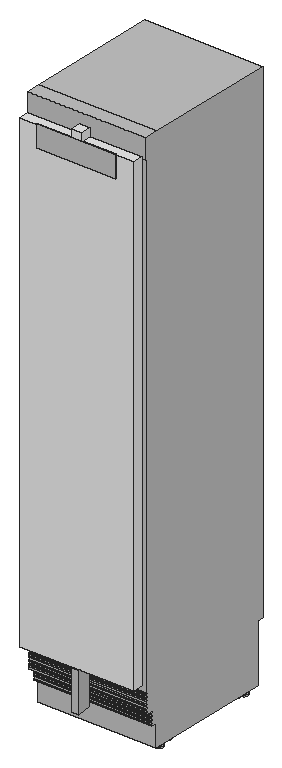
Revit family "FP-Revit18-RS1884FLJK1-Freezer-0-CA-US-90001046A", category Specialty Equipment, Revit 2020
Family settings
  Round Connector Dimension = Use Diameter
  Part Type = Normal
  OmniClass Number = 23.40.40.11.11
  OmniClass Title = Refrigerators and Freezers
  Work Plane-Based = No
  Always vertical = Yes
  Cut with Voids When Loaded = Yes
  Shared = No
  Room Calculation Point = No
Parameters (values of type "RS1884FLJE1")
  Visibility - Water Connection = yes
  Visibility - Visibility Control Note = yes
  Visibility - Clearance Required = yes
  URL = "www.fisherpaykel.com"
  Stainless Steel Door Panels (RD1884L4D) = no
  Product - Width = 451 mm  # constant formula
  Product - Height = 2134 mm  # constant formula
  Product - Depth (exl front panel) = 610 mm  # constant formula
  Model = "RS1884FLJE1"
  Material - Handle = Fisher & Paykel - Aluminium
  Material - Door Structure = Fisher & Paykel - White
  Material - Door Front = Fisher & Paykel - Stainless Steel
  Material - Body = Fisher & Paykel - Grey
  Manufacturer = "Fisher & Paykel Appliances"
  Handle Style - Professional Square (AHV2-RD84) = no
  Handle Style - Professional Round (AHC-RD84) = no
  Handle Style - Contemporary Square (AHD3-RD84) = no
  Handle Style - Contemporary Round (AHS-RD84) = no
  Description = "18\" Integrated Column Freezer with internal ice maker, white interior"
  Default Elevation = 0 mm
  Connector Description - Water = "1/4\" (6mm) comp. stainless steel braided hose"
  Connector Description - Electrical = "120 V, 10 amp fused electrical supply"
  Cavity - Width = 457 mm  # constant formula
  Cavity - Height = 2134 mm  # constant formula
  Cavity - Depth = 635 mm  # constant formula
Types (3, lengths in mm): name | Model | Description
  (no name) | "RS1884FLJE1" | "18\" Integrated Column Freezer with internal ice maker, white interior"
  RS1884FLJK1 | "RS1884FLJK1" | "18\" Integrated Column Freezer with internal ice maker, stainless steel interior"
  RS1884FLJE1 | "RS1884FLJE1" | "18\" Integrated Column Freezer with internal ice maker, white interior"
Reference planes
  plane 1 "Datum": y = 0
  plane 2: z = 0
  plane 3 "Center (Left/Right)": x = 0
  plane 4 "Product LHS": x = -225.5
  plane 5 "Product RHS": x = 225.5
  plane 6 "Product - Depth": y = 610
  plane 7 "Cavity LHS": x = -228.5
  plane 8 "Cavity RHS": x = 228.5
  plane 9 "Cavity - Depth": y = 612.9
  plane 10 "Handle Offset": x = 162.5
  plane 11 "Product Height": z = 2134
  plane 12 "Cavity Height": z = 2134
  plane 13 "Door Panel Datum": y = -4.1
Forms (mm)
  Extrusion 1, solid, material "Fisher & Paykel - Grey" <- "Material - Body", detail levels fine
    sketch origin (0, 0, 0) x (0, 1, 0) y (0, 0, 1)
      loop
        line (100.1, 19.1) -> (587.9, 19.1) -> (587.9, 239.7) -> (610, 239.7) -> (610, 2131.9) -> (105.1, 2131.9) -> (105.1, 2134) -> (49.9, 2134) -> (49.9, 2059) -> (56, 2059) -> (56, 228.6) -> (59.5, 228.6) -> (59.5, 219.7) -> (56.5, 219.7) -> (56.5, 215.9) -> (59.5, 215.9) -> (59.5, 207) -> (56.5, 207) -> (56.5, 203.2) -> (59.5, 203.2) -> (59.5, 194.3) -> (56.5, 194.3) -> (56.5, 190.5) -> (59.5, 190.5) -> (59.5, 181.6) -> (56.5, 181.6) -> (56.5, 177.8) -> (59.5, 177.8) -> (59.5, 168.9) -> (56.5, 168.9) -> (56.5, 165.1) -> (59.5, 165.1) -> (59.5, 156.2) -> (56.5, 156.2) -> (56.5, 152.4) -> (84.1, 152.4) -> (84.1, 143.5) -> (81.1, 143.5) -> (81.1, 139.7) -> (84.1, 139.7) -> (84.1, 130.8) -> (81.1, 130.8) -> (81.1, 127) -> (84.1, 127) -> (84.1, 118.1) -> (81.1, 118.1) -> (81.1, 114.3) -> (84.1, 114.3) -> (84.1, 105.4) -> (81.1, 105.4) -> (81.1, 101.6) -> (100.1, 101.6) -> (100.1, 19.1)
    from -225.5 to 225.5
  Extrusion 2, solid, material "Fisher & Paykel - Grey" <- "Material - Body"
    sketch origin (0, 0, 0) x (1, 0, 0) y (0, 1, 0)
      loop
        circle (-205, 547.8) r 4.1
      loop
        circle (-205, 141.8) r 4.1
      loop
        circle (205, 547.8) r 4.1
      loop
        circle (205, 141.8) r 4.1
    from 3 to 19.5
  Extrusion 3, solid, material "Fisher & Paykel - Grey" <- "Material - Body"
    sketch origin (0, 0, 0) x (1, 0, 0) y (0, 1, 0)
      loop
        circle (-205, 547.8) r 14.5
      loop
        circle (-205, 141.8) r 14.555
      loop
        circle (205, 547.8) r 14.5
      loop
        circle (205, 141.8) r 14.555
    from 0 to 3
  Extrusion 4, solid, material "Fisher & Paykel - Grey" <- "Material - Body", detail levels fine
    sketch origin (0, 0, 0) x (1, 0, 0) y (0, 1, 0)
      loop
        line (-7.5, 49) -> (-13.797, -4.1) -> (13.797, -4.1) -> (7.5, 49) -> (-7.5, 49)
    from 104.2 to 254.2
  Extrusion 5, solid, material "Fisher & Paykel - Grey" <- "Material - Body", detail levels fine
    sketch origin (0, 0, 0) x (0, 1, 0) y (0, 0, 1)
      loop
        line (0, 2070.6) -> (0, 1988.6) -> (2, 1988.6) -> (2, 2068.6) -> (4, 2068.6) -> (4, 2070.6) -> (0, 2070.6)
    from -150 to 150
  Extrusion 6, solid, material "Fisher & Paykel - Grey" <- "Material - Body"
    sketch origin (0, 0, 0) x (1, 0, 0) y (0, 0, 1)
      loop
        circle (150.5, 119.813) r 5
      loop
        circle (-150.5, 119.813) r 5
    from -590 to -587.9
  Extrusion 7, solid, material "Fisher & Paykel - White" <- "Material - Door Structure"
    sketch origin (0, 0, 0) x (1, 0, 0) y (0, 1, 0)
      loop
        line (-200.5, 56) -> (-200.5, 42) -> (200.5, 42) -> (200.5, 56) -> (-200.5, 56)
    from 269.6 to 2030.7
  Extrusion 8, solid, material "Fisher & Paykel - White" <- "Material - Door Structure"
    sketch origin (0, 0, 0) x (1, 0, 0) y (0, 1, 0)
      loop
        line (-216.9, 42) -> (-216.9, 3) -> (216.9, 3) -> (216.9, 42) -> (-216.9, 42)
    from 254.2 to 2068.6
  Extrusion 9, solid, material "Fisher & Paykel - White" <- "Material - Door Structure", detail levels fine
    sketch origin (0, 0, 0) x (1, 0, 0) y (0, 0, 1)
      loop
        line (-18.92, 2100.1) -> (-18.92, 2068.6) -> (18.92, 2068.6) -> (18.92, 2100.1) -> (-18.92, 2100.1)
    from -42 to -3
  Extrusion 10, solid, material "Fisher & Paykel - Stainless Steel" <- "Material - Door Front", visible <- "Stainless Steel Door Panels (RD1884L4D)"
    sketch origin (0, 0, 0) x (0, 1, 0) y (0, 0, 1)
      loop
        line (-22.1, 2130.8) -> (-22.1, 102) -> (-4.1, 102) -> (-4.1, 2130.8) -> (-22.1, 2130.8)
    from -225.5 to 225.5
  Extrusion 11, solid, material "Fisher & Paykel - Grey" <- "Material - Body", detail levels coarse+medium
    sketch origin (0, 0, 0) x (0, 1, 0) y (0, 0, 1)
      loop
        line (49.9, 2134) -> (49.9, 2059) -> (56, 2059) -> (56, 152.4) -> (81.1, 152.4) -> (81.1, 101.6) -> (100.1, 101.6) -> (100.1, 19.1) -> (587.9, 19.1) -> (587.9, 239.7) -> (610, 239.7) -> (610, 2134) -> (49.9, 2134)
    from -225.5 to 225.5
  Extrusion 12, solid, material "Fisher & Paykel - Grey" <- "Material - Body", not visible, detail levels fine
    sketch origin (0, 0, 0) x (-1, 0, 0) y (0, 0, -1)
      loop
        line (213.9, -187.65) -> (18.92, -187.65) -> (18.92, -229.75) -> (213.9, -229.75) -> (213.9, -187.65)
    from -56 to -2.5
  Extrusion 13, solid, material "Fisher & Paykel - Grey" <- "Material - Body", not visible, detail levels fine
    sketch origin (0, 0, 0) x (-1, 0, 0) y (0, 0, -1)
      loop
        line (213.9, -2123.15) -> (213.9, -2081.05) -> (18.92, -2081.05) -> (18.92, -2123.15) -> (213.9, -2123.15)
    from -49 to -2.5
  Extrusion 14, solid, material "Fisher & Paykel - Grey" <- "Material - Body", detail levels fine
    sketch origin (0, 0, -4) x (0, 1, 0) y (0, 0, 1)
      loop
        arc (163.888, 23.1) -> (180.4, 13.63) -> (196.912, 23.1) r 19.13
        line (196.912, 23.1) -> (163.888, 23.1)
      loop
        arc (493.888, 23.1) -> (510.4, 13.63) -> (526.912, 23.1) r 19.13
        line (526.912, 23.1) -> (493.888, 23.1)
    from 191 to 219
  Extrusion 15, solid, material "Fisher & Paykel - Grey" <- "Material - Body", detail levels fine
    sketch origin (0, 0, -4) x (0, 1, 0) y (0, 0, -1)
      loop
        line (163.888, -23.1) -> (196.912, -23.1)
        arc (196.912, -23.1) -> (180.4, -13.63) -> (163.888, -23.1) r 19.13
      loop
        line (493.888, -23.1) -> (526.912, -23.1)
        arc (526.912, -23.1) -> (510.4, -13.63) -> (493.888, -23.1) r 19.13
    from 191 to 219
  Extrusion 16, solid, material "Fisher & Paykel - Clearance Required", visible <- "Visibility - Clearance Required", detail levels coarse
    sketch origin (0, 0, 0) x (1, 0, 0) y (0, 1, 0)
      loop
        line (-228.5, 612.9) -> (-228.5, -4.1) -> (228.5, -4.1) -> (228.5, 612.9) -> (-228.5, 612.9)
    from 0 to 2134
  Extrusion 17, void
    sketch origin (0, 0, 0) x (1, 0, 0) y (0, 1, 0)
      loop
        line (-228.5, 612.9) -> (-228.5, -22.1) -> (228.5, -22.1) -> (228.5, 612.9) -> (-228.5, 612.9)
    from 0 to 2134
  Extrusion 18, solid, material "Fisher & Paykel - Clearance Required", visible <- "Visibility - Clearance Required", detail levels coarse
    sketch origin (0, 0, 0) x (-1, 0, 0) y (0, -1, 0)
      loop
        arc (225.5, 22.1) -> (228.203, 56.776) -> (262.718, 61.068) r 27.5
        line (262.718, 61.068) -> (415.635, 388.999) -> (441.854, 376.772)
        arc (441.854, 376.772) -> (467.405, 384.437) -> (458.764, 409.674) r 18.51
        line (458.764, 409.674) -> (431.257, 422.501) -> (453.319, 469.813)
        arc (453.319, 469.813) -> (-5.304, 426.707) -> (-225.5, 22.1) r 490
        line (-225.5, 22.1) -> (225.5, 22.1)
    from 0 to 2134
  Extrusion 19, solid, material "Fisher & Paykel - Grey" <- "Material - Body", not visible, detail levels fine
    sketch origin (0, 0, 0) x (-1, 0, 0) y (0, 0, -1)
      loop
        line (41.9, -254.2) -> (206.9, -254.2) -> (206.9, -229.75) -> (41.9, -229.75) -> (41.9, -254.2)
      loop
        line (29.5, -2081.05) -> (166.9, -2081.05) -> (206.9, -2076.05) -> (206.9, -2068.6) -> (29.5, -2068.6) -> (29.5, -2081.05)
    from -7 to -4
Lines and regions (mm)
  model lines, style "Fisher & Paykel"
    curve 1: line (-225.5, -4.1, 2130.8) -> (225.5, -4.1, 2130.8)
    curve 2: line (-225.5, -4.1, 102) -> (-225.5, -4.1, 2130.8)
    curve 3: line (225.5, -4.1, 102) -> (-225.5, -4.1, 102)
    curve 4: line (225.5, -4.1, 2130.8) -> (225.5, -4.1, 102)
Text (mm)
  text "Due to ongoing product development, product details are subject to change without notice. \nPlease always refer to www.fisherpaykel.com for the most current product information. \n© Fisher & Paykel 2020" at (41.04, -588.295, 0), in view "Ref. Level (Plan)"
Dimensions and locks
  equal spacing: plane 4 "Product LHS", plane 3 "Center (Left/Right)", plane 5 "Product RHS"
  "Product - Width": plane 4 "Product LHS" to plane 5 "Product RHS"
  "Product - Depth (exl front panel)": plane 1 "Datum" to plane 6 "Product - Depth"
  equal spacing: plane 7 "Cavity LHS", plane 3 "Center (Left/Right)", plane 8 "Cavity RHS"
  "Cavity - Width": plane 7 "Cavity LHS" to plane 8 "Cavity RHS"
  plane 4 "Product LHS" to Extrusion 2 sketch curve = 24.6 mm
  Extrusion 6 sketch curve to Extrusion 1 = 119.887 mm  (x2)
  Extrusion 6 sketch curve to plane 5 "Product RHS" = 75 mm
  plane 4 "Product LHS" to Extrusion 6 sketch curve = 75 mm
  Extrusion 1 sketch curve to Extrusion 1 sketch curve = 82.5 mm
  Extrusion 1 sketch curve to Extrusion 1 sketch curve = 209.5 mm
  Extrusion 1 sketch curve to Extrusion 1 sketch curve = 220.6 mm
  Extrusion 3 to level = 3 mm
  Extrusion 11 to Extrusion 8 = 235.1 mm
  Extrusion 11 to Extrusion 7 = 250.5 mm
  Extrusion 11 to Extrusion 11 = 2114.9 mm
  "Product - Height": level to plane 11 "Product Height"
  plane 11 "Product Height" to Extrusion 10 = 3.2 mm
  Extrusion 8 to plane 11 "Product Height" = 65.4 mm
  Extrusion 7 to plane 11 "Product Height" = 103.3 mm
  Extrusion 11 sketch curve to plane 11 "Product Height" = 75 mm
  Extrusion 1 sketch curve to plane 11 "Product Height" = 2.1 mm
  Extrusion 1 sketch curve to plane 11 "Product Height" = 75 mm
  "Cavity - Height": plane 12 "Cavity Height" to level
  plane 1 "Datum" to Extrusion 16 = 612.9 mm
  plane 1 "Datum" to Extrusion 17 = 612.9 mm
  plane 4 "Product LHS" to plane 10 "Handle Offset" = 388 mm
  plane 4 "Product LHS" to Extrusion 19 sketch curve = 18.6 mm
  Extrusion 19 sketch curve to plane 4 "Product LHS" = 196 mm
  plane 4 "Product LHS" to Extrusion 19 sketch curve = 58.6 mm
  plane 1 "Datum" to Extrusion 18 = 22.1 mm
  "Cavity - Depth": plane 9 "Cavity - Depth" to Extrusion 18
  plane 10 "Handle Offset" to plane 5 "Product RHS" = 63 mm
  radius of Extrusion 6 sketch curve = 5 mm
  aligned and locked: level to plane 2
  aligned and locked: Extrusion 10 to plane 5 "Product RHS"
  aligned and locked: plane 4 "Product LHS" to Extrusion 10
  aligned and locked: Extrusion 11 to plane 5 "Product RHS"
  aligned and locked: Extrusion 11 to plane 4 "Product LHS"
  aligned and locked: Extrusion 11 sketch curve to plane 11 "Product Height"
  aligned and locked: plane 11 "Product Height" to Extrusion 1 sketch curve
  aligned and locked: Extrusion 14 sketch curve to Extrusion 14 sketch curve
  aligned and locked: Extrusion 15 sketch curve to Extrusion 15 sketch curve
  aligned and locked: Extrusion 1 to plane 5 "Product RHS"
  aligned and locked: plane 4 "Product LHS" to Extrusion 1
  aligned and locked: Extrusion 11 sketch curve to Extrusion 1  (x4)
  aligned and locked: nested 5 to plane 10 "Handle Offset"
  aligned and locked: nested 4 to plane 10 "Handle Offset"
  aligned and locked: nested 3 to plane 10 "Handle Offset"
  aligned and locked: nested 2 to plane 10 "Handle Offset"
Automatic sketch dimensions
  Extrusion 1 sketch curve to plane 6 "Product - Depth" = 0 mm
  Extrusion 1 sketch curve to Extrusion 1 sketch curve = 22.1 mm
  Extrusion 1 sketch curve to plane 1 "Datum" = 105.1 mm
  level to Extrusion 1 sketch curve = 19.1 mm
  Extrusion 1 sketch curve to plane 1 "Datum" = 100.1 mm
  Extrusion 1 sketch curve to Extrusion 1 sketch curve = 16 mm
  Extrusion 1 sketch curve to Extrusion 1 sketch curve = 0 mm  (x8)
  Extrusion 1 sketch curve to Extrusion 1 sketch curve = 3 mm  (x10)
  Extrusion 1 sketch curve to plane 1 "Datum" = 59.5 mm
  Extrusion 1 sketch curve to plane 1 "Datum" = 56 mm
  Extrusion 1 sketch curve to plane 1 "Datum" = 49.9 mm
  Extrusion 1 sketch curve to Extrusion 1 sketch curve = 3.8 mm  (x10)
  Extrusion 1 sketch curve to Extrusion 1 sketch curve = 8.9 mm  (x9)
  Extrusion 2 sketch curve to plane 4 "Product LHS" = 20.5 mm  (x2)
  plane 5 "Product RHS" to Extrusion 2 sketch curve = 20.5 mm  (x2)
  Extrusion 2 sketch curve to plane 1 "Datum" = 141.8 mm  (x2)
  Extrusion 2 sketch curve to plane 6 "Product - Depth" = 62.2 mm  (x2)
  Extrusion 3 sketch curve to plane 4 "Product LHS" = 20.5 mm  (x2)
  plane 5 "Product RHS" to Extrusion 3 sketch curve = 20.5 mm  (x2)
  Extrusion 3 sketch curve to plane 1 "Datum" = 141.8 mm  (x2)
  Extrusion 3 sketch curve to plane 6 "Product - Depth" = 62.2 mm  (x2)
  plane 1 "Datum" to Extrusion 4 sketch curve = 4.1 mm
  Extrusion 4 sketch curve to plane 3 "Center (Left/Right)" = 13.797 mm
  Extrusion 4 sketch curve to plane 3 "Center (Left/Right)" = 7.5 mm
  plane 3 "Center (Left/Right)" to Extrusion 4 sketch curve = 7.5 mm
  plane 3 "Center (Left/Right)" to Extrusion 4 sketch curve = 13.797 mm
  Extrusion 4 sketch curve to plane 1 "Datum" = 49 mm
  Extrusion 5 sketch curve to plane 1 "Datum" = 0 mm
  Extrusion 5 sketch curve to plane 1 "Datum" = 2 mm
  Extrusion 5 sketch curve to Extrusion 5 sketch curve = 2 mm  (x2)
  plane 11 "Product Height" to Extrusion 5 sketch curve = 145.4 mm
  plane 11 "Product Height" to Extrusion 5 sketch curve = 65.4 mm
  Extrusion 7 sketch curve to plane 4 "Product LHS" = 25 mm
  plane 5 "Product RHS" to Extrusion 7 sketch curve = 25 mm
  Extrusion 7 sketch curve to plane 1 "Datum" = 42 mm
  Extrusion 7 sketch curve to Extrusion 7 sketch curve = 14 mm
  Extrusion 8 sketch curve to plane 1 "Datum" = 3 mm
  Extrusion 8 sketch curve to plane 4 "Product LHS" = 8.6 mm
  plane 5 "Product RHS" to Extrusion 8 sketch curve = 8.6 mm
  Extrusion 8 sketch curve to Extrusion 8 sketch curve = 39 mm
  Extrusion 9 sketch curve to plane 3 "Center (Left/Right)" = 18.92 mm
  plane 3 "Center (Left/Right)" to Extrusion 9 sketch curve = 18.92 mm
  plane 11 "Product Height" to Extrusion 9 sketch curve = 65.4 mm
  Extrusion 9 sketch curve to Extrusion 9 sketch curve = 31.5 mm
  plane 1 "Datum" to Extrusion 10 sketch curve = 22.1 mm
  plane 1 "Datum" to Extrusion 10 sketch curve = 4.1 mm
  level to Extrusion 10 sketch curve = 102 mm
  plane 11 "Product Height" to Extrusion 10 sketch curve = 3.2 mm
  Extrusion 11 sketch curve to plane 6 "Product - Depth" = 0 mm
  Extrusion 11 sketch curve to plane 6 "Product - Depth" = 22.1 mm
  Extrusion 11 sketch curve to plane 1 "Datum" = 100.1 mm
  Extrusion 11 sketch curve to Extrusion 11 sketch curve = 19 mm
  Extrusion 11 sketch curve to plane 1 "Datum" = 56 mm
  Extrusion 11 sketch curve to plane 1 "Datum" = 49.9 mm
  plane 3 "Center (Left/Right)" to Extrusion 12 sketch curve = 18.92 mm
  plane 4 "Product LHS" to Extrusion 12 sketch curve = 11.6 mm
  Extrusion 12 sketch curve to level = 187.65 mm
  Extrusion 12 sketch curve to Extrusion 12 sketch curve = 42.1 mm
  plane 3 "Center (Left/Right)" to Extrusion 13 sketch curve = 18.92 mm
  plane 4 "Product LHS" to Extrusion 13 sketch curve = 11.6 mm
  Extrusion 13 sketch curve to plane 11 "Product Height" = 52.95 mm
  Extrusion 13 sketch curve to plane 11 "Product Height" = 10.85 mm
  level to Extrusion 14 sketch curve = 19.1 mm
  Extrusion 14 sketch curve to plane 1 "Datum" = 163.888 mm
  Extrusion 14 sketch curve to Extrusion 14 sketch curve = 16.512 mm  (x2)
  Extrusion 14 sketch curve to plane 6 "Product - Depth" = 116.112 mm
  Extrusion 14 sketch curve to Extrusion 14 sketch curve = 9.66 mm  (x2)
  level to Extrusion 15 sketch curve = 19.1 mm
  Extrusion 15 sketch curve to plane 1 "Datum" = 163.888 mm
  Extrusion 15 sketch curve to Extrusion 15 sketch curve = 16.512 mm  (x2)
  Extrusion 15 sketch curve to plane 6 "Product - Depth" = 116.112 mm
  Extrusion 15 sketch curve to Extrusion 15 sketch curve = 9.66 mm  (x2)
  Extrusion 16 sketch curve to plane 7 "Cavity LHS" = 0 mm
  Extrusion 16 sketch curve to plane 8 "Cavity RHS" = 0 mm
  Extrusion 16 sketch curve to plane 9 "Cavity - Depth" = 0 mm
  plane 1 "Datum" to Extrusion 16 sketch curve = 4.1 mm
  Extrusion 17 sketch curve to plane 7 "Cavity LHS" = 0 mm
  Extrusion 17 sketch curve to plane 8 "Cavity RHS" = 0 mm
  plane 9 "Cavity - Depth" to Extrusion 17 sketch curve = 0 mm
  plane 1 "Datum" to Extrusion 17 sketch curve = 22.1 mm
  Extrusion 18 sketch curve to plane 5 "Product RHS" = 0 mm
  plane 4 "Product LHS" to Extrusion 18 sketch curve = 0 mm
  Extrusion 18 sketch curve to plane 7 "Cavity LHS" = 19.59 mm
  Extrusion 18 sketch curve to Extrusion 18 sketch curve = 14.629 mm
  Extrusion 18 sketch curve to plane 1 "Datum" = 17.663 mm
  Extrusion 18 sketch curve to Extrusion 18 sketch curve = 16.39 mm
  Extrusion 18 sketch curve to plane 7 "Cavity LHS" = 187.135 mm
  Extrusion 18 sketch curve to Extrusion 18 sketch curve = 15.622 mm
  Extrusion 18 sketch curve to Extrusion 18 sketch curve = 26.219 mm
  Extrusion 18 sketch curve to Extrusion 18 sketch curve = 9.088 mm
  Extrusion 18 sketch curve to Extrusion 18 sketch curve = 22.062 mm
  Extrusion 18 sketch curve to Extrusion 18 sketch curve = 7.823 mm
  Extrusion 18 sketch curve to plane 1 "Datum" = 22.1 mm
  Extrusion 18 sketch curve to Extrusion 18 sketch curve = 20.12 mm
  Extrusion 18 sketch curve to Extrusion 18 sketch curve = 93.041 mm
  Extrusion 18 sketch curve to Extrusion 18 sketch curve = 16.126 mm
  plane 3 "Center (Left/Right)" to Extrusion 19 sketch curve = 41.9 mm
  plane 4 "Product LHS" to Extrusion 19 sketch curve = 18.6 mm
  Extrusion 19 sketch curve to level = 229.75 mm
  Extrusion 19 sketch curve to Extrusion 19 sketch curve = 24.45 mm
  Extrusion 19 sketch curve to plane 11 "Product Height" = 65.4 mm
  Extrusion 19 sketch curve to Extrusion 19 sketch curve = 7.45 mm
  Extrusion 19 sketch curve to Extrusion 19 sketch curve = 5 mm
  plane 5 "Product RHS" to curve 1 = 0 mm
  plane 4 "Product LHS" to curve 3 = 0 mm
  level to curve 3 = 102 mm
  plane 11 "Product Height" to curve 2 = 3.2 mm
  radius of Extrusion 2 sketch curve = 4.1 mm  (x3)
  radius of Extrusion 3 sketch curve = 14.5 mm  (x2)
  radius of Extrusion 3 sketch curve = 14.555 mm  (x2)
  radius of Extrusion 6 sketch curve = 5 mm
Nested families
  nested 1: "Visibility Control Note 18" at (0, 0, 0), visible <- "Visibility - Visibility Control Note", type "Visibility Control Note 18"
  nested 2: "Handle Contemporary Round - Vertical" at (162.5, -22.1, 1242.58), visible <- "Handle Style - Contemporary Round (AHS-RD84)", type "AHS-RD84 - Contemporary round handle (Vertical) 852mm"
  nested 3: "Handle Professional Round - Vertical" at (162.5, -22.1, 1242.58), visible <- "Handle Style - Professional Round (AHC-RD84)", type "AHC-RD84 - Professional round handle (Vertical) 786mm"
  nested 4: "Handle Professional Square - Vertical" at (162.5, -22.1, 1242.58), visible <- "Handle Style - Professional Square (AHV2-RD84)", type "AHV2-RD84 - Professional square handle (Vertical) 792mm"
  nested 5: "Handle Contemporary Square - Vertical" at (162.5, -22.1, 1242.58), visible <- "Handle Style - Contemporary Square (AHD3-RD84)", type "AHD3-RD84 - Contemporary square handle (Vertical) 852mm"
Connectors
  electrical at (-150.5, 590, 119.813), driven by "Connector Description - Electrical"
    settings: on Extrusion 6, index 1, voltage 120 V, apparent load 0 VA, apparent load phase1 0 VA, apparent load phase2 0 VA, apparent load phase3 0 VA, power factor 1, load classification "Other", number of poles 1, system type 30, power factor state 1, is connector primary yes, connector utility no, sub classification motor no, connector description "120 V, 10 amp fused electrical supply"
  piping at (150.5, 590, 119.813), diameter 12.7, driven by "Connector Description - Water", driven by "Visibility - Water Connection"
    settings: on Extrusion 6, index 2, connector inside diameter 609.6 mm, connector length 0 mm, flow factor 0, pipe flow 0.0 L/s, pressure drop 0.0 Pa, fitting loss kfactor 0, connector angle 0.00°, fixture units 0, engagement length 0 mm, angle of deflection 0.00°, flow configuration 0, flow direction 1, fitting loss method 0, system type 20, joint type 0, gender type 0, connector reference index -1, connector utility 1, adjustable connector no, is connector primary yes, connector description "1/4\" (6mm) comp. stainless steel braided hose"
Definition of nested family "Handle Contemporary Round - Vertical"
  Parameters (values of type "AHSRS80A - Contemporary round handle (1 of 2) (Vertical) 727mm")
    URL = "www.fisherpaykel.com"
    Material - Handle = none
    Manufacturer = "Fisher & Paykel Appliances"
    Handle - Length = 727 mm
    Default Elevation = 0 mm
  Types (6, lengths in mm): name | Handle - Length
    AHS-RD21 - Contemporary round handle (Vertical) 852mm | 852
    AHSRD2484W - Contemporary round handle (1 of 2) (Vertical) 727mm | 727
    AHSRD3084W - Contemporary round handle (1 of 2) (Vertical) 727mm | 727
    AHS-RD84 - Contemporary round handle (Vertical) 852mm | 852
    AHSRS3272A - Contemporary round handle (1 of 2) (Vertical) 727mm | 727
    AHSRS80A - Contemporary round handle (1 of 2) (Vertical) 727mm | 727
  Reference planes
    plane 1 "Center (Front/Back)": y = 0
    plane 2: z = 0
    plane 3 "Center (Left/Right)": x = 0
    plane 4 "Top": z = 363.5
    plane 5 "Bottom": z = -363.5
    plane 6 "Top Standoff": z = 243.5
    plane 7 "Bottom Standoff": z = -243.5
  Forms (mm)
    Extrusion 1, solid, material <- "Material - Handle"
      sketch origin (0, 0, 0) x (1, 0, 0) y (0, 1, 0)
        loop
          circle (0, -32.3) r 8.7
      from -243.5 to 243.5
    Extrusion 2, solid, material <- "Material - Handle", detail levels fine
      sketch origin (0, 0, 0) x (1, 0, 0) y (0, 1, 0)
        loop
          line (-8.7, 0) -> (-8.7, -32.3)
          arc (-8.7, -32.3) -> (0, -41) -> (8.7, -32.3) r 8.7
          line (8.7, -32.3) -> (8.7, 0) -> (-8.7, 0)
      from 243.5 to 363.5
    Extrusion 3, solid, material <- "Material - Handle", detail levels fine
      sketch origin (0, 0, 0) x (1, 0, 0) y (0, 1, 0)
        loop
          line (-8.7, 0) -> (-8.7, -32.3)
          arc (-8.7, -32.3) -> (0, -41) -> (8.7, -32.3) r 8.7
          line (8.7, -32.3) -> (8.7, 0) -> (-8.7, 0)
      from -363.5 to -243.5
    Sweep 4, void
      path in 3D
        loop
          line (8.7, 0, -363.5) -> (8.7, -32.3, -363.5)
          arc (8.7, -32.3, -363.5) -> (0, -41, -363.5) -> (-8.7, -32.3, -363.5) r 8.7
          line (-8.7, -32.3, -363.5) -> (-8.7, 0, -363.5)
      profile origin (8.7, -16.15, -363.5) x (-1, 0, 0) y (0, 0, -1)
        loop
          line (0, 0) -> (0, -1) -> (1, 0) -> (0, 0)
    Sweep 5, void
      path in 3D
        loop
          line (-8.7, 0, 363.5) -> (-8.7, -32.3, 363.5)
          arc (-8.7, -32.3, 363.5) -> (0, -41, 363.5) -> (8.7, -32.3, 363.5) r 8.7
          line (8.7, -32.3, 363.5) -> (8.7, 0, 363.5)
      profile origin (8.7, -16.15, 363.5) x (-1, 0, 0) y (0, 0, 1)
        loop
          line (0, 0) -> (0, -1) -> (1, 0) -> (0, 0)
    Extrusion 6, solid, material <- "Material - Handle", detail levels coarse+medium
      sketch origin (0, 0, 0) x (1, 0, 0) y (0, 1, 0)
        loop
          line (-8.7, 0) -> (-8.7, -32.3)
          arc (-8.7, -32.3) -> (0, -41) -> (8.7, -32.3) r 8.7
          line (8.7, -32.3) -> (8.7, 0) -> (-8.7, 0)
      from 243.5 to 363.5
    Extrusion 7, solid, material <- "Material - Handle", detail levels coarse+medium
      sketch origin (0, 0, 0) x (1, 0, 0) y (0, 1, 0)
        loop
          line (-8.7, 0) -> (-8.7, -32.3)
          arc (-8.7, -32.3) -> (0, -41) -> (8.7, -32.3) r 8.7
          line (8.7, -32.3) -> (8.7, 0) -> (-8.7, 0)
      from -363.5 to -243.5
  Cuts and joins
    Sweep 4 cuts Extrusion 3
    Sweep 5 cuts Extrusion 2
  Lines and regions (mm)
    sketch lines
      curve 1: line (8.7, 0, -363.5) -> (8.7, -32.3, -363.5)
      curve 2: arc (-8.7, -32.3, -363.5) -> (0, -41, -363.5) -> (8.7, -32.3, -363.5) r 8.7
      curve 3: line (-8.7, -32.3, -363.5) -> (-8.7, 0, -363.5)
      curve 4: line (8.7, -32.3, 363.5) -> (8.7, 0, 363.5)
      curve 5: arc (8.7, -32.3, 363.5) -> (0, -41, 363.5) -> (-8.7, -32.3, 363.5) r 8.7
      curve 6: line (-8.7, 0, 363.5) -> (-8.7, -32.3, 363.5)
  Dimensions and locks
    equal spacing: plane 4 "Top", level, plane 5 "Bottom"
    "Handle - Length": plane 4 "Top" to plane 5 "Bottom"
    locked: plane 4 "Top" to plane 6 "Top Standoff" at 120
    locked: plane 7 "Bottom Standoff" to plane 5 "Bottom" at 120
    Extrusion 2 sketch curve to Extrusion 2 sketch curve = 17.4 mm
    Extrusion 3 sketch curve to Extrusion 3 sketch curve = 17.4 mm
    Extrusion 6 sketch curve to Extrusion 6 sketch curve = 17.4 mm
    Extrusion 7 sketch curve to Extrusion 7 sketch curve = 17.4 mm
    aligned and locked: level to plane 2
    aligned and locked: plane 4 "Top" to Extrusion 2
    aligned and locked: Extrusion 3 to plane 5 "Bottom"
    aligned and locked: plane 7 "Bottom Standoff" to Extrusion 3
    aligned and locked: Extrusion 1 to plane 7 "Bottom Standoff"
    aligned and locked: plane 6 "Top Standoff" to Extrusion 1
    aligned and locked: Extrusion 2 to Extrusion 1
    aligned and locked: Extrusion 6 to Extrusion 1
    aligned and locked: plane 4 "Top" to Extrusion 6
    aligned and locked: Extrusion 7 to Extrusion 1
    aligned and locked: Extrusion 7 to plane 5 "Bottom"
  Automatic sketch dimensions
    Extrusion 1 sketch curve to plane 3 "Center (Left/Right)" = 0 mm
    plane 1 "Center (Front/Back)" to Extrusion 1 sketch curve = 32.3 mm
    plane 1 "Center (Front/Back)" to Extrusion 2 sketch curve = 0 mm
    Extrusion 2 sketch curve to plane 3 "Center (Left/Right)" = 0 mm
    Extrusion 2 sketch curve to plane 3 "Center (Left/Right)" = 8.7 mm
    plane 1 "Center (Front/Back)" to Extrusion 2 sketch curve = 32.3 mm
    plane 1 "Center (Front/Back)" to Extrusion 3 sketch curve = 0 mm
    Extrusion 3 sketch curve to plane 3 "Center (Left/Right)" = 0 mm
    Extrusion 3 sketch curve to plane 3 "Center (Left/Right)" = 8.7 mm
    plane 1 "Center (Front/Back)" to Extrusion 3 sketch curve = 32.3 mm
    Sweep 4 sketch curve to profile plane = 0 mm  (x2)
    Sweep 4 sketch curve to profile plane = 1 mm  (x2)
    Sweep 5 sketch curve to profile plane = 0 mm  (x2)
    Sweep 5 sketch curve to profile plane = 1 mm  (x2)
    Extrusion 6 sketch curve to plane 3 "Center (Left/Right)" = 0 mm
    Extrusion 6 sketch curve to plane 3 "Center (Left/Right)" = 8.7 mm
    plane 1 "Center (Front/Back)" to Extrusion 6 sketch curve = 32.3 mm
    Extrusion 6 sketch curve to Extrusion 6 sketch curve = 32.3 mm
    Extrusion 7 sketch curve to plane 3 "Center (Left/Right)" = 0 mm
    Extrusion 7 sketch curve to plane 3 "Center (Left/Right)" = 8.7 mm
    plane 1 "Center (Front/Back)" to Extrusion 7 sketch curve = 32.3 mm
    Extrusion 7 sketch curve to Extrusion 7 sketch curve = 32.3 mm
    radius of Extrusion 1 sketch curve = 8.7 mm
Definition of nested family "Handle Professional Round - Vertical"
  Parameters (values of type "AHCRD2484W - Professional round handle (1 of 2) (Vertical) 661mm")
    URL = "www.fisherpaykel.com"
    Material - Standoff = none
    Material - Handle = none
    Manufacturer = "Fisher & Paykel Appliances"
    Handle - Length = 661 mm
    Default Elevation = 0 mm
  Types (5, lengths in mm): name | Handle - Length
    (no name) | 661
    AHCRD2484W - Professional round handle (1 of 2) (Vertical) 661mm | 661
    AHCRD3084W - Professional round handle (1 of 2) (Vertical) 661mm | 661
    AHC-RD84 - Professional round handle (Vertical) 786mm | 786
    AHCRS3272A - Professional round handle (1 of 2) (Vertical) 661mm | 661
  Reference planes
    plane 1 "Center (Front/Back)": y = 0
    plane 2: z = 0
    plane 3 "Center (Left/Right)": x = 0
    plane 4 "Top": z = 330.5
    plane 5 "Bottom": z = -330.5
    plane 6 "Top Standoff": z = 286.5
    plane 7 "Bottom Standoff": z = -286.5
  Forms (mm)
    Extrusion 1, solid, material <- "Material - Standoff", detail levels fine
      sketch origin (0, 0, 0) x (1, 0, 0) y (0, 1, 0)
        loop
          line (-18.5, 0) -> (-18.5, -39.4)
          arc (-18.5, -39.4) -> (0, -57.9) -> (18.5, -39.4) r 18.5
          line (18.5, -39.4) -> (18.5, 0) -> (-18.5, 0)
      from 286.5 to 330.5
    Extrusion 2, solid, material <- "Material - Standoff", detail levels fine
      sketch origin (0, 0, 0) x (1, 0, 0) y (0, 1, 0)
        loop
          line (-18.5, 0) -> (-18.5, -39.4)
          arc (-18.5, -39.4) -> (0, -57.9) -> (18.5, -39.4) r 18.5
          line (18.5, -39.4) -> (18.5, 0) -> (-18.5, 0)
      from -330.5 to -286.5
    Extrusion 3, solid, material <- "Material - Handle"
      sketch origin (0, 0, 0) x (1, 0, 0) y (0, 1, 0)
        loop
          circle (0, -39.4) r 12.7
      from -286.5 to 286.5
    Sweep 4, void
      path in 3D
        loop
          line (-18.5, 0, 330.5) -> (-18.5, -39.4, 330.5)
          arc (-18.5, -39.4, 330.5) -> (0, -57.9, 330.5) -> (18.5, -39.4, 330.5) r 18.5
          line (18.5, -39.4, 330.5) -> (18.5, 0, 330.5)
      profile origin (18.5, -19.7, 330.5) x (-1, 0, 0) y (0, 0, 1)
        loop
          line (0, 0) -> (0, -3) -> (3, 0) -> (0, 0)
    Sweep 5, void
      path in 3D
        loop
          line (18.5, 0, -330.5) -> (18.5, -39.4, -330.5)
          arc (18.5, -39.4, -330.5) -> (0, -57.9, -330.5) -> (-18.5, -39.4, -330.5) r 18.5
          line (-18.5, -39.4, -330.5) -> (-18.5, 0, -330.5)
      profile origin (18.5, -19.7, -330.5) x (-1, 0, 0) y (0, 0, -1)
        loop
          line (0, 0) -> (0, -3) -> (3, 0) -> (0, 0)
    Extrusion 6, solid, material <- "Material - Standoff", detail levels coarse+medium
      sketch origin (0, 0, 0) x (1, 0, 0) y (0, 1, 0)
        loop
          line (-18.5, 0) -> (-18.5, -39.4)
          arc (-18.5, -39.4) -> (0, -57.9) -> (18.5, -39.4) r 18.5
          line (18.5, -39.4) -> (18.5, 0) -> (-18.5, 0)
      from 286.5 to 330.5
    Extrusion 7, solid, material <- "Material - Standoff", detail levels coarse+medium
      sketch origin (0, 0, 0) x (1, 0, 0) y (0, 1, 0)
        loop
          line (-18.5, 0) -> (-18.5, -39.4)
          arc (-18.5, -39.4) -> (0, -57.9) -> (18.5, -39.4) r 18.5
          line (18.5, -39.4) -> (18.5, 0) -> (-18.5, 0)
      from -330.5 to -286.5
  Cuts and joins
    Sweep 4 cuts Extrusion 1
    Sweep 5 cuts Extrusion 2
  Lines and regions (mm)
    sketch lines
      curve 1: line (18.5, -39.4, 330.5) -> (18.5, 0, 330.5)
      curve 2: arc (18.5, -39.4, 330.5) -> (0, -57.9, 330.5) -> (-18.5, -39.4, 330.5) r 18.5
      curve 3: line (-18.5, 0, 330.5) -> (-18.5, -39.4, 330.5)
      curve 4: line (18.5, 0, -330.5) -> (18.5, -39.4, -330.5)
      curve 5: arc (-18.5, -39.4, -330.5) -> (0, -57.9, -330.5) -> (18.5, -39.4, -330.5) r 18.5
      curve 6: line (-18.5, -39.4, -330.5) -> (-18.5, 0, -330.5)
  Dimensions and locks
    equal spacing: plane 4 "Top", level, plane 5 "Bottom"
    "Handle - Length": plane 4 "Top" to plane 5 "Bottom"
    plane 4 "Top" to plane 6 "Top Standoff" = 44 mm
    plane 7 "Bottom Standoff" to plane 5 "Bottom" = 44 mm
    aligned and locked: level to plane 2
    aligned and locked: plane 4 "Top" to Extrusion 1
    aligned and locked: Extrusion 1 to plane 6 "Top Standoff"
    aligned and locked: Extrusion 2 to plane 5 "Bottom"
    aligned and locked: plane 7 "Bottom Standoff" to Extrusion 2
    aligned and locked: plane 6 "Top Standoff" to Extrusion 3
    aligned and locked: Extrusion 3 to plane 7 "Bottom Standoff"
    aligned and locked: plane 4 "Top" to Extrusion 6
    aligned and locked: Extrusion 7 to plane 5 "Bottom"
    aligned and locked: plane 7 "Bottom Standoff" to Extrusion 7
    aligned and locked: Extrusion 6 to plane 6 "Top Standoff"
  Automatic sketch dimensions
    plane 1 "Center (Front/Back)" to Extrusion 1 sketch curve = 0 mm
    Extrusion 1 sketch curve to plane 3 "Center (Left/Right)" = 0 mm
    Extrusion 1 sketch curve to plane 3 "Center (Left/Right)" = 18.5 mm
    plane 1 "Center (Front/Back)" to Extrusion 1 sketch curve = 39.4 mm
    plane 1 "Center (Front/Back)" to Extrusion 2 sketch curve = 0 mm
    Extrusion 2 sketch curve to plane 3 "Center (Left/Right)" = 0 mm
    Extrusion 2 sketch curve to plane 3 "Center (Left/Right)" = 18.5 mm
    plane 1 "Center (Front/Back)" to Extrusion 2 sketch curve = 39.4 mm
    Extrusion 3 sketch curve to plane 3 "Center (Left/Right)" = 0 mm
    plane 1 "Center (Front/Back)" to Extrusion 3 sketch curve = 39.4 mm
    Sweep 4 sketch curve to profile plane = 0 mm  (x2)
    Sweep 4 sketch curve to profile plane = 3 mm  (x2)
    Sweep 5 sketch curve to profile plane = 0 mm  (x2)
    Sweep 5 sketch curve to profile plane = 3 mm  (x2)
    Extrusion 6 sketch curve to plane 3 "Center (Left/Right)" = 0 mm
    Extrusion 6 sketch curve to plane 3 "Center (Left/Right)" = 18.5 mm
    plane 1 "Center (Front/Back)" to Extrusion 6 sketch curve = 39.4 mm
    Extrusion 6 sketch curve to Extrusion 6 sketch curve = 39.4 mm
    Extrusion 7 sketch curve to plane 3 "Center (Left/Right)" = 0 mm
    Extrusion 7 sketch curve to plane 3 "Center (Left/Right)" = 18.5 mm
    plane 1 "Center (Front/Back)" to Extrusion 7 sketch curve = 39.4 mm
    Extrusion 7 sketch curve to Extrusion 7 sketch curve = 39.4 mm
    radius of Extrusion 3 sketch curve = 12.7 mm
Definition of nested family "Handle Professional Square - Vertical"
  Parameters (values of type "AHV2RS3272A - Professional square handle (1 of 2) (Vertical) 727mm")
    URL = "www.fisherpaykel.com"
    Material - Handle = none
    Manufacturer = "Fisher & Paykel Appliances"
    Handle - Length = 727 mm
    Default Elevation = 0 mm
  Types (5, lengths in mm): name | Handle - Length
    (no name) | 727
    AHV2RD2484W - Professional square handle (1 of 2) (Vertical) 727mm | 727
    AHV2RD3084W - Professional square handle (1 of 2) (Vertical) 727mm | 727
    AHV2-RD84 - Professional square handle (Vertical) 792mm | 792
    AHV2RS3272A - Professional square handle (1 of 2) (Vertical) 727mm | 727
  Reference planes
    plane 1 "Center (Front/Back)": y = 0
    plane 2: z = 0
    plane 3 "Center (Left/Right)": x = 0
    plane 4 "Top": z = 363.5
    plane 5 "Bottom": z = -363.5
    plane 6 "Top Standoff": z = 313.5
    plane 7 "Bottom Standoff": z = -313.5
  Forms (mm)
    Extrusion 1, solid, material <- "Material - Handle", detail levels fine
      sketch origin (0, 0, 0) x (0, 1, 0) y (0, 0, 1)
        loop
          line (0, 363.5) -> (-40, 363.5)
          arc (-40, 363.5) -> (-47.071, 360.571) -> (-50, 353.5) r 10
          line (-50, 353.5) -> (-50, 313.5) -> (0, 313.5) -> (0, 363.5)
        loop
          line (0, -363.5) -> (0, -313.5) -> (-50, -313.5) -> (-50, -353.5)
          arc (-50, -353.5) -> (-47.071, -360.571) -> (-40, -363.5) r 10
          line (-40, -363.5) -> (0, -363.5)
      from -17.5 to 17.5
    Sweep 2, void
      path in 3D
        loop
          line (17.5, 0, 363.5) -> (17.5, -40, 363.5)
          arc (17.5, -40, 363.5) -> (17.5, -47.071, 360.571) -> (17.5, -50, 353.5) r 10
          line (17.5, -50, 353.5) -> (17.5, -50, 313.5)
      profile origin (17.5, -20, 363.5) x (1, 0, 0) y (0, 0, 1)
        loop
          line (0, 0) -> (-2.5, 0) -> (0, -2.5) -> (0, 0)
    Sweep 3, void
      path in 3D
        loop
          line (-17.5, -50, 313.5) -> (-17.5, -50, 353.5)
          arc (-17.5, -50, 353.5) -> (-17.5, -47.071, 360.571) -> (-17.5, -40, 363.5) r 10
          line (-17.5, -40, 363.5) -> (-17.5, 0, 363.5)
      profile origin (-17.5, -20, 363.5) x (-1, 0, 0) y (0, 0, 1)
        loop
          line (0, 0) -> (-2.5, 0) -> (0, -2.5) -> (0, 0)
    Sweep 4, void
      path in 3D
        loop
          line (17.5, -50, -313.5) -> (17.5, -50, -353.5)
          arc (17.5, -50, -353.5) -> (17.5, -47.071, -360.571) -> (17.5, -40, -363.5) r 10
          line (17.5, -40, -363.5) -> (17.5, 0, -363.5)
      profile origin (17.5, -20, -363.5) x (1, 0, 0) y (0, 0, -1)
        loop
          line (0, 0) -> (-2.5, 0) -> (0, -2.5) -> (0, 0)
    Sweep 5, void
      path in 3D
        loop
          line (-17.5, 0, -363.5) -> (-17.5, -40, -363.5)
          arc (-17.5, -40, -363.5) -> (-17.5, -47.071, -360.571) -> (-17.5, -50, -353.5) r 10
          line (-17.5, -50, -353.5) -> (-17.5, -50, -313.5)
      profile origin (-17.5, -20, -363.5) x (-1, 0, 0) y (0, 0, -1)
        loop
          line (0, 0) -> (-2.5, 0) -> (0, -2.5) -> (0, 0)
    Extrusion 6, solid, material <- "Material - Handle", detail levels fine
      sketch origin (0, 0, 0) x (1, 0, 0) y (0, 1, 0)
        loop
          line (-15.5, -36.737) -> (-15.5, -46.422) -> (-14.172, -47.75) -> (14.172, -47.75) -> (15.5, -46.422) -> (15.5, -36.737)
          arc (15.5, -36.737) -> (0, -32.25) -> (-15.5, -36.737) r 29.013
      from -313.5 to 313.5
    Extrusion 7, solid, material <- "Material - Handle", detail levels coarse+medium
      sketch origin (0, 0, 0) x (0, 1, 0) y (0, 0, 1)
        loop
          line (0, 363.5) -> (-40, 363.5)
          arc (-40, 363.5) -> (-47.071, 360.571) -> (-50, 353.5) r 10
          line (-50, 353.5) -> (-50, -353.5)
          arc (-50, -353.5) -> (-47.071, -360.571) -> (-40, -363.5) r 10
          line (-40, -363.5) -> (0, -363.5) -> (0, -313.5) -> (-31.95, -313.5) -> (-31.95, 313.5) -> (0, 313.5) -> (0, 363.5)
      from -17.5 to 17.5
  Cuts and joins
    Sweep 2, Sweep 3, Sweep 4, Sweep 5 cuts Extrusion 1
  Lines and regions (mm)
    sketch lines
      curve 1: line (17.5, 0, 363.5) -> (17.5, -40, 363.5)
      curve 2: arc (17.5, -50, 353.5) -> (17.5, -47.071, 360.571) -> (17.5, -40, 363.5) r 10
      curve 3: line (17.5, -50, 353.5) -> (17.5, -50, 313.5)
      curve 4: line (-17.5, -40, 363.5) -> (-17.5, 0, 363.5)
      curve 5: arc (-17.5, -40, 363.5) -> (-17.5, -47.071, 360.571) -> (-17.5, -50, 353.5) r 10
      curve 6: line (-17.5, -50, 313.5) -> (-17.5, -50, 353.5)
      curve 7: line (17.5, -40, -363.5) -> (17.5, 0, -363.5)
      curve 8: arc (17.5, -40, -363.5) -> (17.5, -47.071, -360.571) -> (17.5, -50, -353.5) r 10
      curve 9: line (17.5, -50, -313.5) -> (17.5, -50, -353.5)
      curve 10: line (-17.5, 0, -363.5) -> (-17.5, -40, -363.5)
      curve 11: arc (-17.5, -50, -353.5) -> (-17.5, -47.071, -360.571) -> (-17.5, -40, -363.5) r 10
      curve 12: line (-17.5, -50, -353.5) -> (-17.5, -50, -313.5)
  Dimensions and locks
    equal spacing: plane 4 "Top", level, plane 5 "Bottom"
    "Handle - Length": plane 4 "Top" to plane 5 "Bottom"
    plane 7 "Bottom Standoff" to plane 5 "Bottom" = 50 mm
    plane 4 "Top" to plane 6 "Top Standoff" = 50 mm
    aligned and locked: level to plane 2
    aligned and locked: plane 4 "Top" to Extrusion 1 sketch curve
    aligned and locked: plane 5 "Bottom" to Extrusion 1 sketch curve
    aligned and locked: Extrusion 1 sketch curve to plane 1 "Center (Front/Back)"
    aligned and locked: plane 1 "Center (Front/Back)" to Extrusion 1 sketch curve
    aligned and locked: plane 6 "Top Standoff" to Extrusion 1 sketch curve
    aligned and locked: plane 7 "Bottom Standoff" to Extrusion 1 sketch curve
    aligned and locked: plane 6 "Top Standoff" to Extrusion 6
    aligned and locked: Extrusion 6 to plane 7 "Bottom Standoff"
    aligned and locked: plane 4 "Top" to Extrusion 7 sketch curve
    aligned and locked: plane 6 "Top Standoff" to Extrusion 7 sketch curve
    aligned and locked: plane 1 "Center (Front/Back)" to Extrusion 7 sketch curve
    aligned and locked: plane 7 "Bottom Standoff" to Extrusion 7 sketch curve
    aligned and locked: plane 5 "Bottom" to Extrusion 7 sketch curve
    aligned and locked: Extrusion 7 sketch curve to plane 1 "Center (Front/Back)"
  Automatic sketch dimensions
    Sweep 2 sketch curve to profile plane = 0 mm
    profile plane to Sweep 2 sketch curve = 0 mm
    profile plane to Sweep 2 sketch curve = 2.5 mm
    Sweep 2 sketch curve to profile plane = 2.5 mm
    Sweep 3 sketch curve to profile plane = 0 mm  (x2)
    profile plane to Sweep 3 sketch curve = 2.5 mm
    Sweep 3 sketch curve to profile plane = 2.5 mm
    Sweep 4 sketch curve to profile plane = 0 mm
    profile plane to Sweep 4 sketch curve = 0 mm
    profile plane to Sweep 4 sketch curve = 2.5 mm
    Sweep 4 sketch curve to profile plane = 2.5 mm
    Sweep 5 sketch curve to profile plane = 0 mm  (x2)
    profile plane to Sweep 5 sketch curve = 2.5 mm
    Sweep 5 sketch curve to profile plane = 2.5 mm
    plane 1 "Center (Front/Back)" to Extrusion 1 sketch curve = 40 mm  (x2)
    Extrusion 1 sketch curve to Extrusion 1 sketch curve = 10 mm  (x2)
    Extrusion 6 sketch curve to plane 3 "Center (Left/Right)" = 0 mm
    Extrusion 6 sketch curve to Extrusion 6 sketch curve = 1.328 mm  (x4)
    plane 1 "Center (Front/Back)" to Extrusion 6 sketch curve = 61.263 mm
    Extrusion 6 sketch curve to Extrusion 6 sketch curve = 13.513 mm
    Extrusion 6 sketch curve to Extrusion 6 sketch curve = 9.684 mm  (x2)
    Extrusion 6 sketch curve to plane 3 "Center (Left/Right)" = 14.172 mm
    plane 1 "Center (Front/Back)" to Extrusion 7 sketch curve = 31.95 mm
    plane 1 "Center (Front/Back)" to Extrusion 7 sketch curve = 40 mm  (x2)
    Extrusion 7 sketch curve to plane 4 "Top" = 10 mm
Definition of nested family "Handle Contemporary Square - Vertical"
  Parameters (values of type "AHD3RS80A - Contemporary square handle (1 of 2) (Vertical) 727mm")
    URL = "www.fisherpaykel.com"
    Material - Handle = none
    Manufacturer = "Fisher & Paykel Appliances"
    Handle - Length = 727 mm
    Default Elevation = 0 mm
  Types (7, lengths in mm): name | Handle - Length
    (no name) | 727
    AHD3-RD21 - Contemporary square handle (Vertical) 852mm | 852
    AHD3RD2484W - Contemporary square handle (1 of 2) (Vertical) 727mm | 727
    AHD3RD3084W - Contemporary square handle (1 of 2) (Vertical) 727mm | 727
    AHD3-RD84 - Contemporary square handle (Vertical) 852mm | 852
    AHD3RS3272A - Contemporary square handle (1 of 2) (Vertical) 727mm | 727
    AHD3RS80A - Contemporary square handle (1 of 2) (Vertical) 727mm | 727
  Reference planes
    plane 1 "Center (Front/Back)": y = 0
    plane 2: z = 0
    plane 3 "Center (Left/Right)": x = 0
    plane 4 "Top": z = 363.5
    plane 5 "Bottom": z = -363.5
    plane 6 "Top Standoff": z = 243.5
    plane 7 "Bottom Standoff": z = -243.5
  Forms (mm)
    Extrusion 1, solid, material <- "Material - Handle", detail levels fine
      sketch origin (0, 0, 0) x (1, 0, 0) y (0, 1, 0)
        loop
          arc (-7.583, -28.701) -> (-7.89, -29.057) -> (-8, -29.514) r 1
          line (-8, -29.514) -> (-8, -40.5)
          arc (-8, -40.5) -> (-7.561, -41.561) -> (-6.5, -42) r 1.5
          line (-6.5, -42) -> (6.5, -42)
          arc (6.5, -42) -> (7.561, -41.561) -> (8, -40.5) r 1.5
          line (8, -40.5) -> (8, -29.487)
          arc (8, -29.487) -> (7.889, -29.029) -> (7.58, -28.673) r 1
          arc (7.58, -28.673) -> (-0.006, -26.256) -> (-7.583, -28.701) r 13.038
      from -363.5 to 363.5
    Extrusion 2, solid, material <- "Material - Handle", detail levels fine
      sketch origin (0, 0, 0) x (1, 0, 0) y (0, 1, 0)
        loop
          arc (7.058, -28.23) -> (7.466, -28.244) -> (7.674, -27.893) r 0.4
          line (7.674, -27.893) -> (7.674, 0) -> (-7.674, 0) -> (-7.674, -27.86)
          arc (-7.674, -27.86) -> (-7.467, -28.21) -> (-7.06, -28.198) r 0.4
          arc (-7.06, -28.198) -> (0.004, -26.156) -> (7.058, -28.23) r 13.136
      from 243.5 to 363.5
    Extrusion 3, solid, material <- "Material - Handle", detail levels fine
      sketch origin (0, 0, 0) x (1, 0, 0) y (0, 1, 0)
        loop
          arc (7.058, -28.23) -> (7.466, -28.244) -> (7.674, -27.893) r 0.4
          line (7.674, -27.893) -> (7.674, 0) -> (-7.674, 0) -> (-7.674, -27.86)
          arc (-7.674, -27.86) -> (-7.467, -28.21) -> (-7.06, -28.198) r 0.4
          arc (-7.06, -28.198) -> (0.004, -26.156) -> (7.058, -28.23) r 13.136
      from -363.5 to -243.5
    Sweep 4, void
      path in 3D
        loop
          line (-8, -29.514, 363.5) -> (-8, -40.5, 363.5)
          arc (-8, -40.5, 363.5) -> (-7.561, -41.561, 363.5) -> (-6.5, -42, 363.5) r 1.5
          line (-6.5, -42, 363.5) -> (6.5, -42, 363.5)
          arc (6.5, -42, 363.5) -> (7.561, -41.561, 363.5) -> (8, -40.5, 363.5) r 1.5
          line (8, -40.5, 363.5) -> (8, -29.487, 363.5)
      profile origin (8, -34.994, 363.5) x (-1, 0, 0) y (0, 0, 1)
        loop
          line (0, 0) -> (0, -1.3) -> (1.3, 0) -> (0, 0)
    Sweep 5, void
      path in 3D
        loop
          line (8, -29.487, -363.5) -> (8, -40.5, -363.5)
          arc (8, -40.5, -363.5) -> (7.561, -41.561, -363.5) -> (6.5, -42, -363.5) r 1.5
          line (6.5, -42, -363.5) -> (-6.5, -42, -363.5)
          arc (-6.5, -42, -363.5) -> (-7.561, -41.561, -363.5) -> (-8, -40.5, -363.5) r 1.5
          line (-8, -40.5, -363.5) -> (-8, -29.514, -363.5)
      profile origin (8, -34.994, -363.5) x (-1, 0, 0) y (0, 0, -1)
        loop
          line (0, 0) -> (0, -1.3) -> (1.3, 0) -> (0, 0)
    Extrusion 6, void
      sketch origin (0, 0, 0) x (1, 0, 0) y (0, 0, 1)
        loop
          line (-8, -362.2) -> (-8, -363.5) -> (-6.7, -363.5) -> (-8, -362.2)
        loop
          line (8, -362.2) -> (6.7, -363.5) -> (8, -363.5) -> (8, -362.2)
      from 0 to 40
    Extrusion 7, void
      sketch origin (0, 0, 0) x (1, 0, 0) y (0, 0, 1)
        loop
          line (-8, 363.5) -> (-8, 362.2) -> (-6.7, 363.5) -> (-8, 363.5)
        loop
          line (8, 363.5) -> (6.7, 363.5) -> (8, 362.2) -> (8, 363.5)
      from 0 to 40
    Extrusion 8, solid, material <- "Material - Handle", detail levels coarse+medium
      sketch origin (0, 0, 0) x (0, 1, 0) y (0, 0, 1)
        loop
          line (0, 363.5) -> (-42, 363.5) -> (-42, -363.5) -> (0, -363.5) -> (0, -243.5) -> (-26.245, -243.5) -> (-26.245, 243.5) -> (0, 243.5) -> (0, 363.5)
      from -8 to 8
  Cuts and joins
    Sweep 4, Sweep 5, Extrusion 6, Extrusion 7 cuts Extrusion 1
    Extrusion 6 cuts Extrusion 3
    Extrusion 7 cuts Extrusion 2
  Lines and regions (mm)
    sketch lines
      curve 1: line (8, -40.5, 363.5) -> (8, -29.487, 363.5)
      curve 2: arc (8, -40.5, 363.5) -> (7.561, -41.561, 363.5) -> (6.5, -42, 363.5) r 1.5
      curve 3: line (-6.5, -42, 363.5) -> (6.5, -42, 363.5)
      curve 4: arc (-6.5, -42, 363.5) -> (-7.561, -41.561, 363.5) -> (-8, -40.5, 363.5) r 1.5
      curve 5: line (-8, -29.514, 363.5) -> (-8, -40.5, 363.5)
      curve 6: line (8, -29.487, -363.5) -> (8, -40.5, -363.5)
      curve 7: arc (6.5, -42, -363.5) -> (7.561, -41.561, -363.5) -> (8, -40.5, -363.5) r 1.5
      curve 8: line (6.5, -42, -363.5) -> (-6.5, -42, -363.5)
      curve 9: arc (-8, -40.5, -363.5) -> (-7.561, -41.561, -363.5) -> (-6.5, -42, -363.5) r 1.5
      curve 10: line (-8, -40.5, -363.5) -> (-8, -29.514, -363.5)
  Dimensions and locks
    equal spacing: plane 4 "Top", level, plane 5 "Bottom"
    "Handle - Length": plane 4 "Top" to plane 5 "Bottom"
    locked: plane 4 "Top" to plane 6 "Top Standoff" at 120
    locked: plane 7 "Bottom Standoff" to plane 5 "Bottom" at 120
    aligned and locked: level to plane 2
    aligned and locked: plane 4 "Top" to Extrusion 2
    aligned and locked: Extrusion 2 to plane 6 "Top Standoff"
    aligned and locked: plane 4 "Top" to Extrusion 1
    aligned and locked: Extrusion 1 to plane 5 "Bottom"
    aligned and locked: Extrusion 3 to plane 5 "Bottom"
    aligned and locked: plane 7 "Bottom Standoff" to Extrusion 3
    aligned and locked: plane 4 "Top" to Extrusion 8 sketch curve
    aligned and locked: plane 6 "Top Standoff" to Extrusion 8 sketch curve
    aligned and locked: plane 7 "Bottom Standoff" to Extrusion 8 sketch curve
    aligned and locked: plane 5 "Bottom" to Extrusion 8 sketch curve
    aligned and locked: plane 1 "Center (Front/Back)" to Extrusion 8 sketch curve  (x2)
  Automatic sketch dimensions
    Extrusion 1 sketch curve to plane 3 "Center (Left/Right)" = 8 mm
    Extrusion 1 sketch curve to Extrusion 1 sketch curve = 1 mm  (x2)
    Extrusion 1 sketch curve to Extrusion 1 sketch curve = 1.5 mm
    plane 3 "Center (Left/Right)" to Extrusion 1 sketch curve = 0.018 mm
    plane 3 "Center (Left/Right)" to Extrusion 1 sketch curve = 6.5 mm
    plane 3 "Center (Left/Right)" to Extrusion 1 sketch curve = 7 mm
    plane 1 "Center (Front/Back)" to Extrusion 1 sketch curve = 42 mm
    Extrusion 1 sketch curve to Extrusion 1 sketch curve = 1.206 mm
    Extrusion 1 sketch curve to Extrusion 1 sketch curve = 10.986 mm
    Extrusion 1 sketch curve to Extrusion 1 sketch curve = 11.013 mm
    Extrusion 1 sketch curve to Extrusion 1 sketch curve = 0 mm
    plane 1 "Center (Front/Back)" to Extrusion 2 sketch curve = 0 mm
    Extrusion 2 sketch curve to plane 3 "Center (Left/Right)" = 7.674 mm
    Extrusion 2 sketch curve to Extrusion 2 sketch curve = 0.4 mm  (x2)
    Extrusion 2 sketch curve to plane 3 "Center (Left/Right)" = 0.026 mm
    plane 3 "Center (Left/Right)" to Extrusion 2 sketch curve = 7.274 mm
    plane 1 "Center (Front/Back)" to Extrusion 2 sketch curve = 27.86 mm
    Extrusion 2 sketch curve to Extrusion 2 sketch curve = 0.033 mm
    Extrusion 2 sketch curve to Extrusion 2 sketch curve = 11.398 mm
    Extrusion 2 sketch curve to Extrusion 2 sketch curve = 0 mm
    plane 1 "Center (Front/Back)" to Extrusion 3 sketch curve = 0 mm
    Extrusion 3 sketch curve to Extrusion 3 sketch curve = 0.4 mm  (x2)
    Extrusion 3 sketch curve to Extrusion 3 sketch curve = 7.248 mm
    Extrusion 3 sketch curve to Extrusion 3 sketch curve = 7.3 mm
    plane 1 "Center (Front/Back)" to Extrusion 3 sketch curve = 27.86 mm
    Extrusion 3 sketch curve to Extrusion 3 sketch curve = 0.033 mm
    Extrusion 3 sketch curve to Extrusion 3 sketch curve = 11.398 mm
    Extrusion 3 sketch curve to Extrusion 3 sketch curve = 0 mm
    Sweep 4 sketch curve to profile plane = 0 mm  (x2)
    Sweep 4 sketch curve to profile plane = 1.3 mm  (x2)
    Sweep 5 sketch curve to profile plane = 0 mm  (x2)
    Sweep 5 sketch curve to profile plane = 1.3 mm  (x2)
    Extrusion 6 sketch curve to plane 5 "Bottom" = 0 mm  (x2)
    plane 5 "Bottom" to Extrusion 6 sketch curve = 1.3 mm  (x2)
    Extrusion 6 sketch curve to plane 3 "Center (Left/Right)" = 8 mm
    Extrusion 6 sketch curve to Extrusion 6 sketch curve = 1.3 mm  (x2)
    plane 3 "Center (Left/Right)" to Extrusion 6 sketch curve = 8 mm
    Extrusion 7 sketch curve to plane 4 "Top" = 0 mm  (x2)
    Extrusion 7 sketch curve to plane 3 "Center (Left/Right)" = 8 mm
    Extrusion 7 sketch curve to Extrusion 7 sketch curve = 1.3 mm  (x2)
    plane 3 "Center (Left/Right)" to Extrusion 7 sketch curve = 8 mm
    Extrusion 7 sketch curve to plane 4 "Top" = 1.3 mm  (x2)
    plane 1 "Center (Front/Back)" to Extrusion 8 sketch curve = 26.245 mm
    plane 1 "Center (Front/Back)" to Extrusion 8 sketch curve = 42 mm
    Extrusion 3 sketch curve to plane 3 "Center (Left/Right)" = 7.674 mm
Definition of nested family "Visibility Control Note 18"
  Types (3): name
    New
    Resolved
    Active
  Reference planes
    plane 1: y = 0
    plane 2: x = 0
  Text (mm)
    text "Edit Type: \nTo control handle kit \nand door panel visibility\n options\n\nDelete unwanted kits \nto reduce file size" at (-0.165, 35.556, 0)
